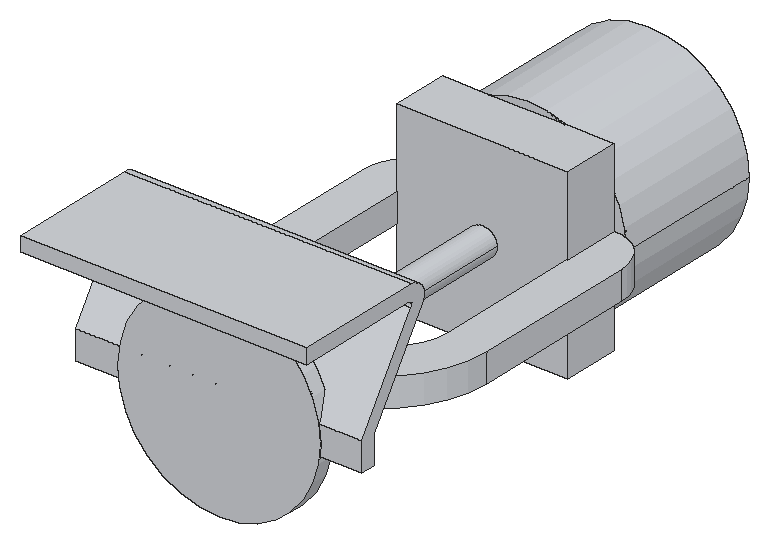
Revit family
Parameters (values of type "RASCO F1FR56 HSW")
  Temperature Rating = 135 °F
  Response = 1
  RASCO SIN # = "RA1435"
  RASCO Part # = "F1FR56H0C"
  Pressure Rating = "175 PSI"
  Pressure Class = (empty or 0)
  Orifice Size = 1/2"
  Orifice = (empty or 0)
  Model = "F1FR56"
  Manufacturer = "RASCO"
  K-Factor = 5.6
  Description = "Chrome Finish"
  Coverage = (empty or 0)
Reference planes (in)
  plane 1 "Center (Front/Back)": y = 0
  plane 2: z = 0
  plane 3 "Center (Left/Right)": x = 0
Dimensions and locks (in)
  aligned and locked: plane 2 to level
Nested families (in)
  nested 1: "F1FR56H0C" at (0, 0, 0), type "RASCO F1FR56 HSW"
Connectors (in)
  piping at (-0.01236, 1.34926, 1.25584)
    settings: on nested 1, index 1, connector radius 115/256", flow factor 0, pipe flow 0 GPM, pressure drop 0.00 psi, fitting loss kfactor 0, connector angle 0.00°, fixture units 0, flow configuration 0, flow direction 0, fitting loss method 0, system type 7, connector reference index -1, connector utility 0, adjustable connector no, is connector primary yes, fitting loss table "", connector description ""
Definition of nested family "F1FR56H0C"
  Parameters (values of type "RASCO F1FR56 HSW")
    Type Comments = ""
    Temperature Rating = 0 °F
    Response = (empty or 0)
    Pressure Rating = "0"
    Pressure Class = (empty or 0)
    Orifice Size = 0"
    Orifice = (empty or 0)
    Model = ""
    Manufacturer = ""
    K-Factor = 0
    Description = ""
    Coverage = (empty or 0)
    Assembly Code = ""
  Reference planes (in)
    plane 1 "Center (Front/Back)": y = 0
    plane 2: z = 0
    plane 3 "ref.2": z = 0.6875
    plane 4 "ref.3": z = 0.9375
    plane 5: x = -0.38065
    plane 6: x = 0.36935
    plane 7 "ref. side 1": y = 0.06402
    plane 8 "ref. side 2": y = -0.06098
    plane 9 "ref.4": z = 1.875
    plane 10 "ref.5": z = 2.3125
    plane 11 "ref.6": z = 2.4375
    plane 12 "center": x = -0.00574
  Forms (in)
    Extrusion 1, solid
      sketch origin (-0.01236, 1.37309, 1.25584) x (-1, 0, 0) y (0, 0, -1)
        loop
          circle (0, 0) r 0.4379
      from 0.02383 to 0.6875
    Extrusion 2, solid
      sketch origin (0.10949, 0.68559, 1.20407) x (-1, 0, 0) y (0, 0, -1)
        loop
          line (-0.2588, 0.356) -> (-0.2588, -0.4565) -> (0.4912, -0.4565) -> (0.4912, 0.356) -> (-0.2588, 0.356)
      from 0 to 0.25
    Extrusion 3, solid
      sketch origin (-0.01236, 1.3722, 1.25584) x (-1, 0, 0) y (0, -1, 0)
        loop
          line (-0.38065, 0.68754) -> (-0.38065, 1.58397)
          arc (-0.38065, 1.58397) -> (-0.29541, 1.78976) -> (-0.08962, 1.875) r 0.29103
          line (-0.08962, 1.875) -> (0.07524, 1.875)
          arc (0.07524, 1.875) -> (0.28321, 1.78886) -> (0.36935, 1.58089) r 0.29411
          line (0.36935, 1.58089) -> (0.36935, 0.68751)
          arc (0.36935, 0.68751) -> (0.50207, 0.74393) -> (0.55685, 0.87734) r 0.18984
          line (0.55685, 0.87734) -> (0.55685, 1.61676)
          arc (0.55685, 1.61676) -> (0.42629, 1.93194) -> (0.11111, 2.0625) r 0.44574
          line (0.11111, 2.0625) -> (-0.12259, 2.0625)
          arc (-0.12259, 2.0625) -> (-0.43765, 1.932) -> (-0.56815, 1.61694) r 0.44556
          line (-0.56815, 1.61694) -> (-0.56815, 0.87876)
          arc (-0.56815, 0.87876) -> (-0.51345, 0.74486) -> (-0.38065, 0.68754) r 0.19126
      from -0.06402 to 0.06098
    Extrusion 4, solid
      sketch origin (-0.01236, 0.43559, 1.25584) x (1, 0, 0) y (0, 0, 1)
        loop
          circle (0.00574, -0.00152) r 0.0625
      from 0 to 0.9375
    Extrusion 5, solid
      sketch origin (-0.01236, -0.50191, 1.25584) x (1, 0, 0) y (0, 0, 1)
        loop
          circle (0.00574, -0.00152) r 0.1875
      from 0 to 0.4375
    Extrusion 6, solid
      sketch origin (-0.01236, -0.89954, 1.2504) x (-1, 0, 0) y (0, 0, 1)
        loop
          circle (-0.00574, -0.00152) r 0.44275
      from -0.10531 to -0.03987
    Extrusion 7, solid
      sketch origin (-0.00662, 1.2679, 1.26334) x (0, -1, 0) y (0, 0, 1)
        loop
          line (2.27263, -0.06402) -> (2.27263, 0.06098) -> (2.00466, 0.4658)
          arc (2.00466, 0.4658) -> (2.00382, 0.48409) -> (2.01953, 0.49348) r 0.01783
          line (2.01953, 0.49348) -> (2.57559, 0.49348) -> (2.57559, 0.55848) -> (2.00257, 0.55848)
          arc (2.00257, 0.55848) -> (1.94355, 0.52319) -> (1.9467, 0.4545) r 0.067
          line (1.9467, 0.4545) -> (2.20719, 0.06098) -> (2.20719, -0.06402) -> (2.27263, -0.06402)
      from -0.62515 to 0.62904
  Cuts and joins
    joined: Extrusion 1, Extrusion 2, Extrusion 4
